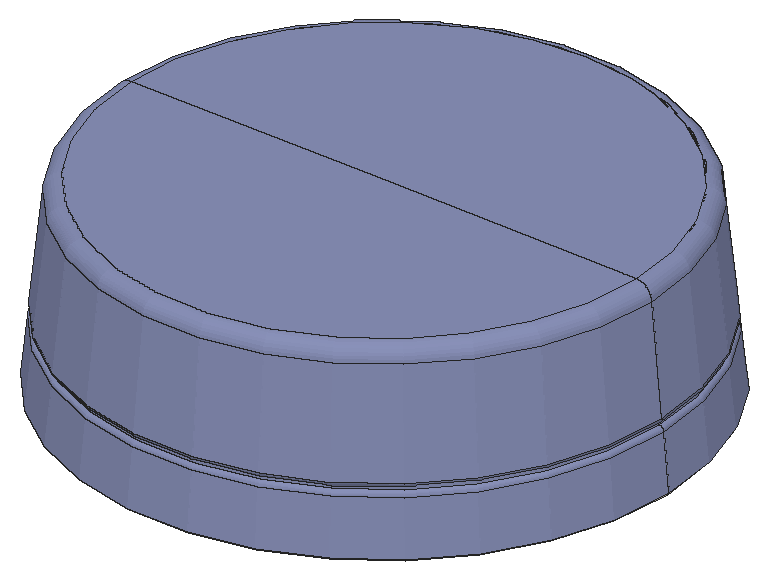
Revit family "Haworth_BuzziBalance_LargePouf", category Furniture, Revit 2018
Family settings
  OmniClass Number = 23.40.70.14.64.21
  OmniClass Title = Systems Furniture
  Work Plane-Based = No
  Always vertical = Yes
  Cut with Voids When Loaded = No
  Shared = No
  Room Calculation Point = No
Parameters (values of type "HCBZ-BAP3-2")
  Warranty = "http://www.haworth.com/resources/product-info/warranties"
  Upholstery Finish [instance] = Haworth _ Fabric _ Kvadrat Hero_BHR-751
  URL - Product = "https://www.haworth.com/products/seating/acoustic-seating/buzzibalance"
  URL = "http://www.haworth.com/our-brands/haworth-collection"
  Size = "Verify Final Dim. w/ Haworth"  # constant formula
  Revision Number = "1"  # constant formula
  Radius = Actual Width / 2  # 19.28906"
  Model = "HCBZ-BAP3-2"  # constant formula
  Manufacturer = "Haworth"  # constant formula
  Description = "Haworth BuzziBalance Large Pouf"  # constant formula
  Base Finish = Haworth _ Wood _ Collection _ Ash Natural
  Author = "Haworth (Alias)"  # constant formula
  Assembly Code = "E2020200"
  Actual Width = 38.57813"  # constant formula
  Actual Height = 14.96094"  # constant formula
  Actual Depth = Actual Width  # 38.57813"
Reference planes (in)
  plane 1: z = 0
  plane 2 "Left": x = -7.03906
  plane 3 "Back": y = -0.07422
  plane 4 "Front": y = -38.65234
  plane 5 "Top": z = 14.96094
  plane 6 "Right": x = 31.53906
  plane 7 "Base Top": z = 2.75
  plane 8 "Center LR": x = 12.25
  plane 9 "Center FB": y = -19.36328
  plane 10 "Right Angle": through (31.53906, -180, 2.75) normal (-0.9945, 0, -0.1045)
  plane 11 "Left Angle": through (-7.03906, -180, 2.75) normal (-0.9945, 0, 0.1045)
  plane 12 "Middle Base": z = 2.625
Forms (in)
  Revolve 1, solid, material "Haworth _ Wood _ Collection _ Ash Natural" <- "Base Finish"
    sketch origin (0, -19.36328, 0) x (-1, 0, 0) y (0, 0, 1)
      loop
        line (-12.25, 0) -> (-12.25, 2.75) -> (-31.4381, 2.75) -> (-31.4381, 2.625)
        arc (-31.4381, 2.625) -> (-21.93568, 0.64273) -> (-12.25, 0) r 69.69299
      axis (-12.25, 2.75) -> (-12.25, 0)
    angle from 0 to 360
  Revolve 2, solid, material "Haworth _ Fabric _ Kvadrat Hero_BHR-751" <- "Upholstery Finish"
    sketch origin (0, -19.36328, 0) x (-1, 0, 0) y (0, 0, 1)
      loop
        line (-31.53906, 2.75) -> (-12.25, 2.75) -> (-12.25, 14.96094) -> (-29.35524, 14.96094)
        arc (-29.35524, 14.96094) -> (-30.0667, 14.66624) -> (-30.36139, 13.95478) r 1.00616
        line (-30.36139, 13.95478) -> (-31.08319, 7.0873)
        arc (-31.08319, 7.0873) -> (-31.01708, 6.9277) -> (-30.85748, 6.86159) r 0.22571
        line (-30.85748, 6.86159) -> (-30.85748, 6.62922)
        arc (-30.85748, 6.62922) -> (-31.07387, 6.53959) -> (-31.1635, 6.3232) r 0.30602
        line (-31.1635, 6.3232) -> (-31.53906, 2.75)
      axis (-12.25, 14.96094) -> (-12.25, 2.75)
    angle from 0 to 360
Lines and regions (in)
  Masking region 1
    outline origin (0, 0, 0) x (1, 0, 0) y (0, 1, 0)
      loop
        circle (12.25, -19.36328) r 19.28906
Dimensions and locks (in)
  "Actual Depth": plane 3 "Back" to plane 4 "Front"
  equal spacing: plane 4 "Front", plane 9 "Center FB", plane 3 "Back"
  equal spacing: plane 2 "Left", plane 8 "Center LR", plane 6 "Right"
  "Actual Width": plane 2 "Left" to plane 6 "Right"
  "Actual Height": plane 5 "Top" to plane 1
  locked: plane 6 "Right" to Revolve 1 sketch curve at 0.10096
  "Radius": radius of Masking region 1 sketch curve
  aligned and locked: Revolve 1 sketch curve to plane 8 "Center LR"  (x2)
  aligned and locked: plane 8 "Center LR" to Revolve 2 sketch curve
  aligned and locked: Revolve 2 sketch curve to plane 8 "Center LR"
  aligned and locked: plane 7 "Base Top" to Revolve 1 sketch curve
  aligned and locked: plane 1 to Revolve 1 sketch curve
  aligned and locked: Revolve 2 sketch curve to plane 5 "Top"
  aligned and locked: plane 10 "Right Angle" to Revolve 2 sketch curve  (x2)
  aligned and locked: plane 7 "Base Top" to Revolve 2 sketch curve
  aligned and locked: plane 8 "Center LR" to Masking region 1 sketch curve
  aligned and locked: plane 9 "Center FB" to Masking region 1 sketch curve
Automatic sketch dimensions
  Revolve 1 sketch curve to plane 12 "Middle Base" = 0.00"
  plane 8 "Center LR" to Revolve 1 sketch curve = 0.23941"
  Revolve 1 sketch curve to Revolve 1 sketch curve = 8.75"
  Revolve 1 sketch curve to plane 5 "Top" = 6.80859"
  Revolve 2 sketch curve to plane 6 "Right" = 0.37556"
  Revolve 2 sketch curve to plane 6 "Right" = 0.45587"
  Revolve 2 sketch curve to Revolve 2 sketch curve = 0.30602"
  Revolve 2 sketch curve to plane 5 "Top" = 1.00616"
  Revolve 2 sketch curve to level = 7.03906"
  plane 5 "Top" to Revolve 2 sketch curve = 11.00"
